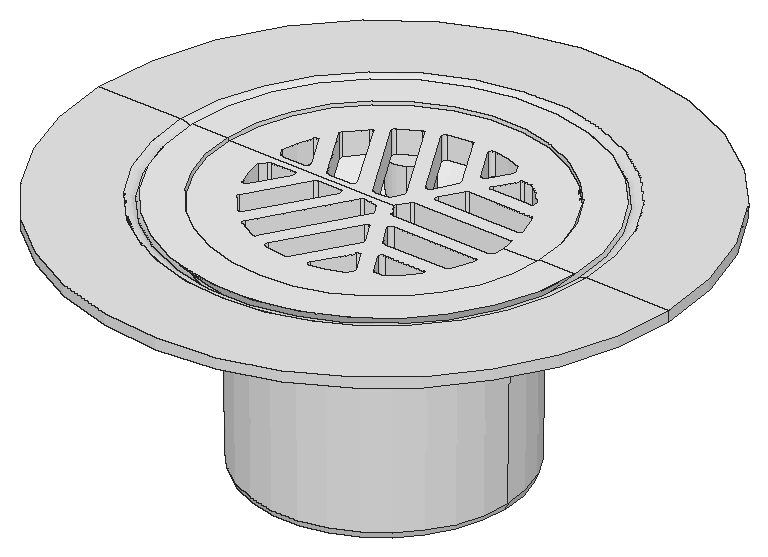
Revit family "5000.131 VC COB HF BE80", category Plumbing Fixtures, Revit 2016
Family settings
  Part Type = Normal
  Round Connector Dimension = Use Diameter
  Work Plane-Based = No
  Always vertical = Yes
  Cut with Voids When Loaded = No
  Shared = No
  Room Calculation Point = No
Parameters (values of type "5000.131")
  Waste Connection = yes
  Vent Connection = no
  URL = "www.aquaknight.co.nz"
  Phone = "+6498322214"  # constant formula
  Model = "VC COB HF BE80 – 5000.131"
  Manufacturer = "Aquanight Industries Ltd"  # constant formula
  HW Connection = no
  Email = "info@aquaknight.co.nz"  # constant formula
  Description = "DWV80 Free-form vinyl floor with round chrome lid"
  CW Connection = no
Reference planes
  plane 1 "Center (Front/Back)": y = 0
  plane 2: z = 0
  plane 3 "Center (Left/Right)": x = 0
Forms (mm)
  Revolve 1, solid, material "PVC-Piping"
    sketch origin (-2.137, 0, 1.044) x (1, 0, 0) y (0, 0, 1)
      loop
        line (-58.425, -4.044) -> (-35.556, -26.703) -> (-35.113, -69.994) -> (-34.493, -71.574) -> (-32.315, -71.574) -> (-32.787, -25.452) -> (-56.06, -2.178)
        arc (-56.06, -2.178) -> (-57.317, -1.339) -> (-58.799, -1.044) r 3.874
        line (-58.799, -1.044) -> (-83.363, -1.044) -> (-83.363, -4.044) -> (-58.425, -4.044)
      axis (2.137, -1.044) -> (2.137, -71.574)
    angle from 0 to 360
  Revolve 2, solid, material "Steel, Chrome Plated"
    sketch origin (0, 0, 1.044) x (1, 0, 0) y (0, 0, 1)
      loop
        line (-49.859, -8.523) -> (0, -8.523) -> (0, -1.838) -> (-46.368, -1.838) -> (-46.368, -3.147) -> (-46.867, -5.469) -> (-46.867, -1.044) -> (-57.337, -1.044) -> (-49.859, -8.523)
      axis (0, -1.044) -> (0, -8.523)
    angle from 0 to 360
  Extrusion 3, void
    sketch origin (0, 0, 5.044) x (0, 1, 0) y (-1, 0, 0)
      loop
        line (4.474, 34.182) -> (2.493, 33.038)
        arc (2.493, 33.038) -> (2.128, 32.673) -> (1.994, 32.174) r 0.997
        line (1.994, 32.174) -> (1.994, 25.266)
        arc (1.994, 25.266) -> (2.493, 24.402) -> (3.49, 24.402) r 0.997
        line (3.49, 24.402) -> (13.354, 30.097)
        arc (13.354, 30.097) -> (13.85, 31.03) -> (13.231, 31.885) r 0.997
        arc (13.231, 31.885) -> (8.926, 33.316) -> (4.474, 34.182) r 35.185
      loop
        arc (2.493, 19.182) -> (2.128, 18.817) -> (1.994, 18.319) r 0.997
        line (1.994, 18.319) -> (1.994, 11.41)
        arc (1.994, 11.41) -> (2.493, 10.547) -> (3.49, 10.547) r 0.997
        line (3.49, 10.547) -> (24.556, 22.709)
        arc (24.556, 22.709) -> (25.047, 23.445) -> (24.759, 24.281) r 0.997
        arc (24.759, 24.281) -> (22.313, 26.487) -> (19.672, 28.454) r 35.185
        arc (19.672, 28.454) -> (19.149, 28.624) -> (18.616, 28.491) r 0.997
        line (18.616, 28.491) -> (2.493, 19.182)
      loop
        arc (2.493, 5.327) -> (2.128, 4.962) -> (1.994, 4.463) r 0.997
        line (1.994, 4.463) -> (1.994, 1.008)
        spline (1.994, 1.008) -> (1.998, 0.922) -> (2.009, 0.835) -> (2.028, 0.751) -> (2.054, 0.668) -> (2.088, 0.587) -> (2.128, 0.51) -> (2.174, 0.437) -> (2.227, 0.368) -> (2.286, 0.304) -> (2.35, 0.246) -> (2.419, 0.193) -> (2.492, 0.146)
        line (2.492, 0.146) -> (5.484, -1.582)
        arc (5.484, -1.582) -> (5.983, -1.715) -> (6.482, -1.582) r 0.997
        line (6.482, -1.582) -> (31.488, 12.856)
        arc (31.488, 12.856) -> (31.941, 13.42) -> (31.894, 14.141) r 0.997
        arc (31.894, 14.141) -> (30.471, 16.875) -> (28.815, 19.473) r 35.185
        arc (28.815, 19.473) -> (28.214, 19.875) -> (27.5, 19.765) r 0.997
        line (27.5, 19.765) -> (2.493, 5.327)
      loop
        line (32.567, 8.835) -> (11.501, -3.328)
        arc (11.501, -3.328) -> (11.002, -4.191) -> (11.501, -5.055) r 0.997
        line (11.501, -5.055) -> (17.484, -8.509)
        arc (17.484, -8.509) -> (17.982, -8.643) -> (18.481, -8.509) r 0.997
        line (18.481, -8.509) -> (34.604, 0.799)
        arc (34.604, 0.799) -> (34.985, 1.195) -> (35.1, 1.732) r 0.997
        arc (35.1, 1.732) -> (34.717, 5.003) -> (34.03, 8.225) r 35.185
        arc (34.03, 8.225) -> (33.449, 8.891) -> (32.567, 8.835) r 0.997
      loop
        arc (32.461, -14.293) -> (33.938, -10.005) -> (34.85, -5.561) r 35.185
        arc (34.85, -5.561) -> (34.419, -4.597) -> (33.364, -4.561) r 0.997
        line (33.364, -4.561) -> (23.5, -10.256)
        arc (23.5, -10.256) -> (23.001, -11.119) -> (23.5, -11.983) r 0.997
        line (23.5, -11.983) -> (29.483, -15.437)
        arc (29.483, -15.437) -> (29.981, -15.571) -> (30.48, -15.437) r 0.997
        line (30.48, -15.437) -> (32.461, -14.293)
      loop
        line (27.987, -22.042) -> (27.987, -19.755)
        arc (27.987, -19.755) -> (27.853, -19.256) -> (27.488, -18.891) r 0.997
        line (27.488, -18.891) -> (21.505, -15.437)
        arc (21.505, -15.437) -> (20.508, -15.437) -> (20.01, -16.301) r 0.997
        line (20.01, -16.301) -> (20.01, -27.691)
        arc (20.01, -27.691) -> (20.569, -28.587) -> (21.62, -28.478) r 0.997
        arc (21.62, -28.478) -> (25.011, -25.465) -> (27.987, -22.042) r 35.185
      loop
        arc (8.011, -33.698) -> (8.403, -34.491) -> (9.27, -34.66) r 0.997
        arc (9.27, -34.66) -> (12.404, -33.644) -> (15.428, -32.34) r 35.185
        arc (15.428, -32.34) -> (15.836, -31.973) -> (15.988, -31.444) r 0.997
        line (15.988, -31.444) -> (15.988, -12.827)
        arc (15.988, -12.827) -> (15.854, -12.329) -> (15.489, -11.964) r 0.997
        line (15.489, -11.964) -> (9.506, -8.509)
        arc (9.506, -8.509) -> (8.509, -8.509) -> (8.011, -9.373) r 0.997
        line (8.011, -9.373) -> (8.011, -33.698)
      loop
        arc (3.989, -5.899) -> (3.855, -5.401) -> (3.49, -5.036) r 0.997
        line (3.49, -5.036) -> (0.498, -3.308)
        spline (0.498, -3.308) -> (0.421, -3.268) -> (0.341, -3.235) -> (0.258, -3.209) -> (0.173, -3.19) -> (0.087, -3.179) -> (0, -3.175) -> (-0.087, -3.179) -> (-0.173, -3.19) -> (-0.258, -3.209) -> (-0.341, -3.235) -> (-0.421, -3.268) -> (-0.498, -3.308)
        line (-0.498, -3.308) -> (-3.49, -5.036)
        arc (-3.49, -5.036) -> (-3.855, -5.401) -> (-3.989, -5.899) r 0.997
        line (-3.989, -5.899) -> (-3.989, -34.775)
        arc (-3.989, -34.775) -> (-3.727, -35.448) -> (-3.079, -35.768) r 0.997
        arc (-3.079, -35.768) -> (0, -35.903) -> (3.079, -35.768) r 35.185
        arc (3.079, -35.768) -> (3.727, -35.448) -> (3.989, -34.775) r 0.997
        line (3.989, -34.775) -> (3.989, -5.899)
      loop
        line (-8.011, -33.698) -> (-8.011, -9.373)
        arc (-8.011, -9.373) -> (-8.509, -8.509) -> (-9.506, -8.509) r 0.997
        line (-9.506, -8.509) -> (-15.489, -11.964)
        arc (-15.489, -11.964) -> (-15.854, -12.329) -> (-15.988, -12.827) r 0.997
        line (-15.988, -12.827) -> (-15.988, -31.444)
        arc (-15.988, -31.444) -> (-15.836, -31.973) -> (-15.428, -32.34) r 0.997
        arc (-15.428, -32.34) -> (-12.404, -33.644) -> (-9.27, -34.66) r 35.185
        arc (-9.27, -34.66) -> (-8.403, -34.491) -> (-8.011, -33.698) r 0.997
      loop
        arc (-18.481, -8.509) -> (-17.982, -8.643) -> (-17.484, -8.509) r 0.997
        line (-17.484, -8.509) -> (-11.501, -5.055)
        arc (-11.501, -5.055) -> (-11.002, -4.191) -> (-11.501, -3.328) r 0.997
        line (-11.501, -3.328) -> (-32.567, 8.835)
        arc (-32.567, 8.835) -> (-33.449, 8.891) -> (-34.03, 8.225) r 0.997
        arc (-34.03, 8.225) -> (-34.717, 5.003) -> (-35.1, 1.732) r 35.185
        arc (-35.1, 1.732) -> (-34.985, 1.195) -> (-34.604, 0.799) r 0.997
        line (-34.604, 0.799) -> (-18.481, -8.509)
      loop
        line (-32.461, -14.293) -> (-30.48, -15.437)
        arc (-30.48, -15.437) -> (-29.981, -15.571) -> (-29.483, -15.437) r 0.997
        line (-29.483, -15.437) -> (-23.5, -11.983)
        arc (-23.5, -11.983) -> (-23.001, -11.119) -> (-23.5, -10.256) r 0.997
        line (-23.5, -10.256) -> (-33.364, -4.561)
        arc (-33.364, -4.561) -> (-34.419, -4.597) -> (-34.85, -5.561) r 0.997
        arc (-34.85, -5.561) -> (-33.938, -10.005) -> (-32.461, -14.293) r 35.185
      loop
        arc (-27.987, -22.042) -> (-25.011, -25.465) -> (-21.62, -28.478) r 35.185
        arc (-21.62, -28.478) -> (-20.569, -28.587) -> (-20.01, -27.691) r 0.997
        line (-20.01, -27.691) -> (-20.01, -16.301)
        arc (-20.01, -16.301) -> (-20.508, -15.437) -> (-21.505, -15.437) r 0.997
        line (-21.505, -15.437) -> (-27.488, -18.891)
        arc (-27.488, -18.891) -> (-27.853, -19.256) -> (-27.987, -19.755) r 0.997
        line (-27.987, -19.755) -> (-27.987, -22.042)
      loop
        arc (-6.482, -1.582) -> (-5.983, -1.715) -> (-5.484, -1.582) r 0.997
        line (-5.484, -1.582) -> (-2.492, 0.146)
        spline (-2.492, 0.146) -> (-2.419, 0.193) -> (-2.35, 0.246) -> (-2.286, 0.304) -> (-2.227, 0.368) -> (-2.174, 0.437) -> (-2.128, 0.51) -> (-2.088, 0.587) -> (-2.054, 0.668) -> (-2.028, 0.751) -> (-2.009, 0.835) -> (-1.998, 0.922) -> (-1.994, 1.008)
        line (-1.994, 1.008) -> (-1.994, 4.463)
        arc (-1.994, 4.463) -> (-2.128, 4.962) -> (-2.493, 5.327) r 0.997
        line (-2.493, 5.327) -> (-27.5, 19.765)
        arc (-27.5, 19.765) -> (-28.214, 19.875) -> (-28.815, 19.473) r 0.997
        arc (-28.815, 19.473) -> (-30.471, 16.875) -> (-31.894, 14.141) r 35.185
        arc (-31.894, 14.141) -> (-31.941, 13.42) -> (-31.488, 12.856) r 0.997
        line (-31.488, 12.856) -> (-6.482, -1.582)
      loop
        line (-24.556, 22.709) -> (-3.49, 10.547)
        arc (-3.49, 10.547) -> (-2.493, 10.547) -> (-1.994, 11.41) r 0.997
        line (-1.994, 11.41) -> (-1.994, 18.319)
        arc (-1.994, 18.319) -> (-2.128, 18.817) -> (-2.493, 19.182) r 0.997
        line (-2.493, 19.182) -> (-18.616, 28.491)
        arc (-18.616, 28.491) -> (-19.149, 28.624) -> (-19.672, 28.454) r 0.997
        arc (-19.672, 28.454) -> (-22.313, 26.487) -> (-24.759, 24.281) r 35.185
        arc (-24.759, 24.281) -> (-25.047, 23.445) -> (-24.556, 22.709) r 0.997
      loop
        arc (-4.474, 34.182) -> (-8.926, 33.316) -> (-13.231, 31.885) r 35.185
        arc (-13.231, 31.885) -> (-13.85, 31.03) -> (-13.354, 30.097) r 0.997
        line (-13.354, 30.097) -> (-3.49, 24.402)
        arc (-3.49, 24.402) -> (-2.493, 24.402) -> (-1.994, 25.266) r 0.997
        line (-1.994, 25.266) -> (-1.994, 32.174)
        arc (-1.994, 32.174) -> (-2.128, 32.673) -> (-2.493, 33.038) r 0.997
        line (-2.493, 33.038) -> (-4.474, 34.182)
    from -20.5 to 49.173
  Extrusion 4, solid, material "PVC-Piping", detail levels fine
    sketch origin (0, 0, 4) x (0, 1, 0) y (-1, 0, 0)
      loop
        circle (0, -41.383) r 6.265
    from -29.926 to -14.969
  Extrusion 5, solid, material "PVC-Piping", detail levels fine
    sketch origin (0, 0, 4) x (0.866025, -0.5, 0) y (0.5, 0.866025, 0)
      loop
        circle (0, -41.383) r 6.265
    from -29.926 to -14.969
  Extrusion 6, solid, material "PVC-Piping", detail levels fine
    sketch origin (0, 0, 4) x (-0.866025, -0.5, 0) y (0.5, -0.866025, 0)
      loop
        circle (0, -41.383) r 6.265
    from -29.926 to -14.969
Cuts and joins
  Extrusion 3 cuts Revolve 2
Lines and regions (mm)
  model lines, detail levels fine
    curve 1: circle (-57.398, 54.405, 0) r 3.15 normal (0, 0, 1)
    curve 2: circle (57.398, 54.405, 0) r 3.15 normal (0, 0, -1)
    curve 3: circle (-57.398, -54.405, 0) r 3.15 normal (0, 0, -1)
    curve 4: circle (57.398, -54.405, 0) r 3.15 normal (0, 0, 1)
Dimensions and locks
  aligned and locked: level to plane 2
  aligned and locked: Revolve 2 sketch curve to plane 3 "Center (Left/Right)"
Connectors
  piping at (0, 0, -70.53), diameter 80
    settings: on Revolve 1, index 1, connector inside diameter 609.6 mm, connector length 0 mm, flow factor 0, pipe flow 0.0 L/s, pressure drop 0.0 Pa, fitting loss kfactor 0, connector angle 0.00°, fixture units 0, engagement length 0 mm, angle of deflection 0.00°, flow configuration 0, flow direction 0, fitting loss method 0, system type 28, joint type 0, gender type 0, connector reference index -1, connector utility 0, adjustable connector no, is connector primary yes, connector description ""
